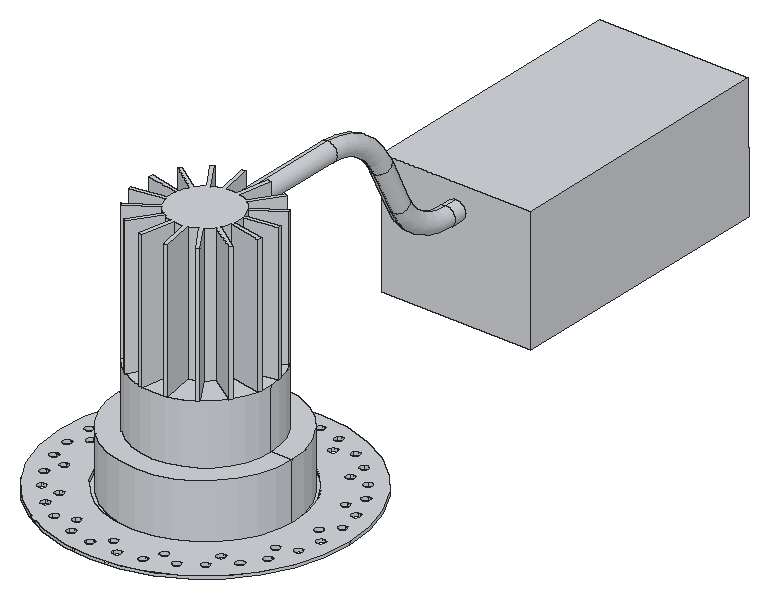
Revit family "Alcon-14121-WW-Revit-Family", category Lighting Fixtures, host Ceiling, Revit 2021
Family settings
  Host = Ceiling
  Round Connector Dimension = Use Diameter
  Part Type = Normal
  Always vertical = Yes
  Cut with Voids When Loaded = Yes
  Light Source = Yes
  Shared = No
  Room Calculation Point = No
Parameters (values of type "Type 1")
  Wattage = 9.2903 W
  built-in parameter 1150110 = 1 (stored number, unit not read)
  built-in parameter 1114217 = 1 (stored number, unit not read)
  Tilt Angle = 60.00°
  built-in parameter 1150109 = 1 (stored number, unit not read)
  built-in parameter 1150134 = 3
  built-in parameter 1150113 = 1 (stored number, unit not read)
  built-in parameter 1010507 = 1.5708 (stored number, unit not read)
  built-in parameter 1010506 = 0.5236 (stored number, unit not read)
  Product Identity = "Alcon Lighting 14121-WW"
  Mud Ring = none
  Manufacturer = "Alcon Light"
  built-in parameter 1150105 = 4614.1 (stored number, unit not read)
  Lumens = 1380 lm
  built-in parameter 1150115 = 1 (stored number, unit not read)
  Link To Product Page = "https://www.alconlighting.com/alcon-14121-ww-trimless-recessed-wall-wash-light.html"
  Light Source Symbol Length = 10' - 0"
  Light Source = none
  built-in parameter 1150137 = (empty or 0)
  built-in parameter 1150139 = (empty or 0)
  built-in parameter 1150112 = 1 (stored number, unit not read)
  built-in parameter 1150114 = 1 (stored number, unit not read)
  built-in parameter 1150132 = (empty or 0)
  built-in parameter 1150102 = (empty or 0)
  built-in parameter 1150107 = 3200 (stored number, unit not read)
  built-in parameter 1150138 = (empty or 0)
  built-in parameter 1150106 = 46.141 (stored number, unit not read)
  Housing = none
  built-in parameter 1150104 = 13.8 (stored number, unit not read)
  Driver = none
  Dimming Lamp Color Temperature Shift = <None>
  Default Elevation = 0' - 0"
  Color Filter = 16777215
  built-in parameter 1114218 = 1 (stored number, unit not read)
  built-in parameter 1150133 = 10 (stored number, unit not read)
Reference planes (in)
  plane 1 "Center (Front/Back)": y = 0
  plane 2: z = 0
  plane 3 "Center (Left/Right)": x = 0
  plane 4 "Ceiling": z = 157.48031
Forms (in)
  Revolve 1, solid, material <- "Housing"
    sketch origin (0, 0, 98.4252) x (1, 0, 0) y (0, 0, 1)
      loop
        line (1.3125, 59.05512) -> (1.3125, 59.96161) -> (0.54489, 59.96161) -> (0.54489, 59.75082)
        arc (0.54489, 59.75082) -> (1.00226, 59.52866) -> (1.1875, 59.05512) r 0.69789
        line (1.1875, 59.05512) -> (1.3125, 59.05512)
      axis (0, 59.96161) -> (0, 59.05512)
    angle from 0 to 360
  Extrusion 2, solid
    sketch origin (0, 0, 98.4252) x (1, 0, 0) y (0, 1, 0)
      loop
        circle (0, 0) r 1.375
      loop
        circle (0, 0) r 1.3125
    from 59.05512 to 59.11762
  Extrusion 3, solid, material <- "Mud Ring"
    sketch origin (0, 0, 157.54281) x (0, 1, 0) y (-1, 0, 0)
      loop
        circle (0, 0) r 2.1875
      loop
        circle (1.73047, 0) r 0.06369
      loop
        circle (1.92001, -0.20641) r 0.06369
      loop
        circle (1.92001, 0.20641) r 0.06369
      loop
        circle (-1.73047, 0) r 0.06369
      loop
        circle (-1.92001, -0.20641) r 0.06369
      loop
        circle (-1.92001, 0.20641) r 0.06369
      loop
        circle (0, 1.73047) r 0.06369
      loop
        circle (0.20641, 1.92001) r 0.06369
      loop
        circle (-0.20641, 1.92001) r 0.06369
      loop
        circle (0, -1.73047) r 0.06369
      loop
        circle (0.20641, -1.92001) r 0.06369
      loop
        circle (-0.20641, -1.92001) r 0.06369
      loop
        circle (1.22363, 1.22363) r 0.06369
      loop
        circle (1.50361, 1.2117) r 0.06369
      loop
        circle (1.2117, 1.50361) r 0.06369
      loop
        circle (-1.22363, -1.22363) r 0.06369
      loop
        circle (-1.2117, -1.50361) r 0.06369
      loop
        circle (-1.50361, -1.2117) r 0.06369
      loop
        circle (-1.22363, 1.22363) r 0.06369
      loop
        circle (-1.2117, 1.50361) r 0.06369
      loop
        circle (-1.50361, 1.2117) r 0.06369
      loop
        circle (1.22363, -1.22363) r 0.06369
      loop
        circle (1.50361, -1.2117) r 0.06369
      loop
        circle (1.2117, -1.50361) r 0.06369
      loop
        circle (0.66222, 1.59874) r 0.06369
      loop
        circle (0.92546, 1.69487) r 0.06369
      loop
        circle (0.54406, 1.85285) r 0.06369
      loop
        circle (-0.66222, -1.59874) r 0.06369
      loop
        circle (-0.54406, -1.85285) r 0.06369
      loop
        circle (-0.92546, -1.69487) r 0.06369
      loop
        circle (-1.59874, 0.66222) r 0.06369
      loop
        circle (-1.69487, 0.92546) r 0.06369
      loop
        circle (-1.85285, 0.54406) r 0.06369
      loop
        circle (1.59874, -0.66222) r 0.06369
      loop
        circle (1.85285, -0.54406) r 0.06369
      loop
        circle (1.69487, -0.92546) r 0.06369
      loop
        circle (1.59874, 0.66222) r 0.06369
      loop
        circle (1.85285, 0.54406) r 0.06369
      loop
        circle (1.69487, 0.92546) r 0.06369
      loop
        circle (-1.59874, -0.66222) r 0.06369
      loop
        circle (-1.69487, -0.92546) r 0.06369
      loop
        circle (-1.85285, -0.54406) r 0.06369
      loop
        circle (-0.66222, 1.59874) r 0.06369
      loop
        circle (-0.54406, 1.85285) r 0.06369
      loop
        circle (-0.92546, 1.69487) r 0.06369
      loop
        circle (0.66222, -1.59874) r 0.06369
      loop
        circle (0.92546, -1.69487) r 0.06369
      loop
        circle (0.54406, -1.85285) r 0.06369
      loop
        circle (0, 0) r 1.375
    from 0 to 0.03937
  Extrusion 4, solid, material <- "Housing"
    sketch origin (0, 0, 98.4252) x (1, 0, 0) y (0, 1, 0)
      loop
        circle (0, 0) r 1
    from 59.96161 to 60.86161
  Extrusion 5, solid, material <- "Driver"
    sketch origin (0, 0, 98.4252) x (1, 0, 0) y (0, 1, 0)
      loop
        arc (-0.1682, 0.98575) -> (-0.19509, 0.98079) -> (-0.22184, 0.97508) r 1
        line (-0.22184, 0.97508) -> (-0.12624, 0.49451)
        arc (-0.12624, 0.49451) -> (-0.19531, 0.47152) -> (-0.2604, 0.43894) r 0.51037
        line (-0.2604, 0.43894) -> (-0.53263, 0.84635)
        arc (-0.53263, 0.84635) -> (-0.55557, 0.83147) -> (-0.5781, 0.81597) r 1
        line (-0.5781, 0.81597) -> (-0.30587, 0.40855)
        arc (-0.30587, 0.40855) -> (-0.36088, 0.36088) -> (-0.40855, 0.30587) r 0.51037
        line (-0.40855, 0.30587) -> (-0.81597, 0.5781)
        arc (-0.81597, 0.5781) -> (-0.83147, 0.55557) -> (-0.84635, 0.53263) r 1
        line (-0.84635, 0.53263) -> (-0.43894, 0.2604)
        arc (-0.43894, 0.2604) -> (-0.47152, 0.19531) -> (-0.49451, 0.12624) r 0.51037
        line (-0.49451, 0.12624) -> (-0.97508, 0.22184)
        arc (-0.97508, 0.22184) -> (-0.98079, 0.19509) -> (-0.98575, 0.1682) r 1
        line (-0.98575, 0.1682) -> (-0.50518, 0.07261)
        arc (-0.50518, 0.07261) -> (-0.51037, 0) -> (-0.50518, -0.07261) r 0.51037
        line (-0.50518, -0.07261) -> (-0.98575, -0.1682)
        arc (-0.98575, -0.1682) -> (-0.98079, -0.19509) -> (-0.97508, -0.22184) r 1
        line (-0.97508, -0.22184) -> (-0.49451, -0.12624)
        arc (-0.49451, -0.12624) -> (-0.47152, -0.19531) -> (-0.43894, -0.2604) r 0.51037
        line (-0.43894, -0.2604) -> (-0.84635, -0.53263)
        arc (-0.84635, -0.53263) -> (-0.83147, -0.55557) -> (-0.81597, -0.5781) r 1
        line (-0.81597, -0.5781) -> (-0.40855, -0.30587)
        arc (-0.40855, -0.30587) -> (-0.36088, -0.36088) -> (-0.30587, -0.40855) r 0.51037
        line (-0.30587, -0.40855) -> (-0.5781, -0.81597)
        arc (-0.5781, -0.81597) -> (-0.55557, -0.83147) -> (-0.53263, -0.84635) r 1
        line (-0.53263, -0.84635) -> (-0.2604, -0.43894)
        arc (-0.2604, -0.43894) -> (-0.19531, -0.47152) -> (-0.12624, -0.49451) r 0.51037
        line (-0.12624, -0.49451) -> (-0.22184, -0.97508)
        arc (-0.22184, -0.97508) -> (-0.19509, -0.98079) -> (-0.1682, -0.98575) r 1
        line (-0.1682, -0.98575) -> (-0.07261, -0.50518)
        arc (-0.07261, -0.50518) -> (0, -0.51037) -> (0.07261, -0.50518) r 0.51037
        line (0.07261, -0.50518) -> (0.1682, -0.98575)
        arc (0.1682, -0.98575) -> (0.19509, -0.98079) -> (0.22184, -0.97508) r 1
        line (0.22184, -0.97508) -> (0.12624, -0.49451)
        arc (0.12624, -0.49451) -> (0.19531, -0.47152) -> (0.2604, -0.43894) r 0.51037
        line (0.2604, -0.43894) -> (0.53263, -0.84635)
        arc (0.53263, -0.84635) -> (0.55557, -0.83147) -> (0.5781, -0.81597) r 1
        line (0.5781, -0.81597) -> (0.30587, -0.40855)
        arc (0.30587, -0.40855) -> (0.36088, -0.36088) -> (0.40855, -0.30587) r 0.51037
        line (0.40855, -0.30587) -> (0.81597, -0.5781)
        arc (0.81597, -0.5781) -> (0.83147, -0.55557) -> (0.84635, -0.53263) r 1
        line (0.84635, -0.53263) -> (0.43894, -0.2604)
        arc (0.43894, -0.2604) -> (0.47152, -0.19531) -> (0.49451, -0.12624) r 0.51037
        line (0.49451, -0.12624) -> (0.97508, -0.22184)
        arc (0.97508, -0.22184) -> (0.98079, -0.19509) -> (0.98575, -0.1682) r 1
        line (0.98575, -0.1682) -> (0.50518, -0.07261)
        arc (0.50518, -0.07261) -> (0.51037, 0) -> (0.50518, 0.07261) r 0.51037
        line (0.50518, 0.07261) -> (0.98575, 0.1682)
        arc (0.98575, 0.1682) -> (0.98079, 0.19509) -> (0.97508, 0.22184) r 1
        line (0.97508, 0.22184) -> (0.49451, 0.12624)
        arc (0.49451, 0.12624) -> (0.47152, 0.19531) -> (0.43894, 0.2604) r 0.51037
        line (0.43894, 0.2604) -> (0.84635, 0.53263)
        arc (0.84635, 0.53263) -> (0.83147, 0.55557) -> (0.81597, 0.5781) r 1
        line (0.81597, 0.5781) -> (0.40855, 0.30587)
        arc (0.40855, 0.30587) -> (0.36088, 0.36088) -> (0.30587, 0.40855) r 0.51037
        line (0.30587, 0.40855) -> (0.5781, 0.81597)
        arc (0.5781, 0.81597) -> (0.55557, 0.83147) -> (0.53263, 0.84635) r 1
        line (0.53263, 0.84635) -> (0.2604, 0.43894)
        arc (0.2604, 0.43894) -> (0.19531, 0.47152) -> (0.12624, 0.49451) r 0.51037
        line (0.12624, 0.49451) -> (0.22184, 0.97508)
        arc (0.22184, 0.97508) -> (0.19509, 0.98079) -> (0.1682, 0.98575) r 1
        line (0.1682, 0.98575) -> (0.07261, 0.50518)
        arc (0.07261, 0.50518) -> (0, 0.51037) -> (-0.07261, 0.50518) r 0.51037
        line (-0.07261, 0.50518) -> (-0.1682, 0.98575)
    from 60.86161 to 62.93012
  Extrusion 6, solid, material <- "Light Source"
    sketch origin (0, 0, 98.4252) x (1, 0, 0) y (0, 1, 0)
      loop
        circle (0, 0) r 0.54489
    from 59.75082 to 59.83594
  Extrusion 7, solid, material <- "Housing"
    sketch origin (0, 0, 98.4252) x (1, 0, 0) y (0, 1, 0)
      loop
        arc (1.1875, 0) -> (0, 1.1875) -> (-1.1875, 0) r 1.1875
        line (-1.1875, 0) -> (-0.35712, 0)
        arc (-0.35712, 0) -> (0, 0.24587) -> (0.35712, 0) r 0.38229
        line (0.35712, 0) -> (1.1875, 0)
    from 59.05512 to 59.11762
  SweptBlend 8, solid, material <- "Housing"
    path origin (-1.1875, 0, 98.4252) x (1, 0, 0) y (0, 0, 1)
      loop
        line (1.1875, 59.11762) -> (1.1875, 59.83594)
    profile origin (0, 0, 157.54281) x (-1, 0, 0) y (0, -1, 0)
      loop
        line (1.1875, 0) -> (0.35712, 0)
        arc (0.35712, 0) -> (0, -0.24587) -> (-0.35712, 0) r 0.38229
        line (-0.35712, 0) -> (-1.1875, 0) -> (-1.1875, -0.0625) -> (-0.39783, -0.0625)
        arc (-0.39783, -0.0625) -> (0, -0.30837) -> (0.39783, -0.0625) r 0.44479
        line (0.39783, -0.0625) -> (1.1875, -0.0625) -> (1.1875, 0)
    end profile origin (0, 0, 158.26113) x (-1, 0, 0) y (0, -1, 0)
      loop
        arc (0.625, 0) -> (0, -0.625) -> (-0.625, 0) r 0.625
        line (-0.625, 0) -> (-1.1875, 0)
        arc (-1.1875, 0) -> (-1.18709, -0.03126) -> (-1.18585, -0.0625) r 1.1875
        line (-1.18585, -0.0625) -> (-0.67681, -0.0625)
        arc (-0.67681, -0.0625) -> (0, -0.67969) -> (0.67681, -0.0625) r 0.67969
        line (0.67681, -0.0625) -> (1.18585, -0.0625)
        arc (1.18585, -0.0625) -> (1.18709, -0.03126) -> (1.1875, 0) r 1.1875
        line (1.1875, 0) -> (0.625, 0)
  Sweep 9, solid, material <- "Driver"
    path origin (0, -1.79572, 98.4252) x (0, 1, 0) y (0, 0, 1)
      loop
        line (2.30536, 62.66573) -> (4.11343, 62.66573)
        arc (4.11343, 62.66573) -> (4.70436, 62.4973) -> (5.1177, 62.04262) r 1.12086
        line (5.1177, 62.04262) -> (5.45448, 61.36312)
        arc (5.45448, 61.36312) -> (5.82325, 60.95747) -> (6.35047, 60.8072) r 1
        line (6.35047, 60.8072) -> (6.54562, 60.8072)
    profile origin (0, 1.41367, 161.09093) x (0, 0, 1) y (1, 0, 0)
      loop
        circle (0, 0) r 0.14219
  Extrusion 10, void
    sketch origin (0, 0, 98.4252) x (1, 0, 0) y (0, 1, 0)
      loop
        circle (0, 0) r 1.375
    from 58.93646 to 61.48415
  Extrusion 11, solid, material <- "Driver"
    sketch origin (0, 0, 157.48031) x (0, 1, 0) y (-1, 0, 0)
      loop
        line (8.8749, 1.125) -> (4.7499, 1.125) -> (4.7499, -1.125) -> (8.8749, -1.125) -> (8.8749, 1.125)
    from 0.25 to 2.125
Dimensions and locks (in)
  equal spacing: host sketch curve, plane 3 "Center (Left/Right)", host sketch curve
  equal spacing: host sketch curve, plane 1 "Center (Front/Back)", host sketch curve
  host sketch curve to host sketch curve = 13' - 1.48031"  (x2)
  plane 4 "Ceiling" to host ceiling = 0' - 0"
  aligned and locked: plane 4 "Ceiling" to Extrusion 2
  aligned and locked: Extrusion 2 to Extrusion 3
